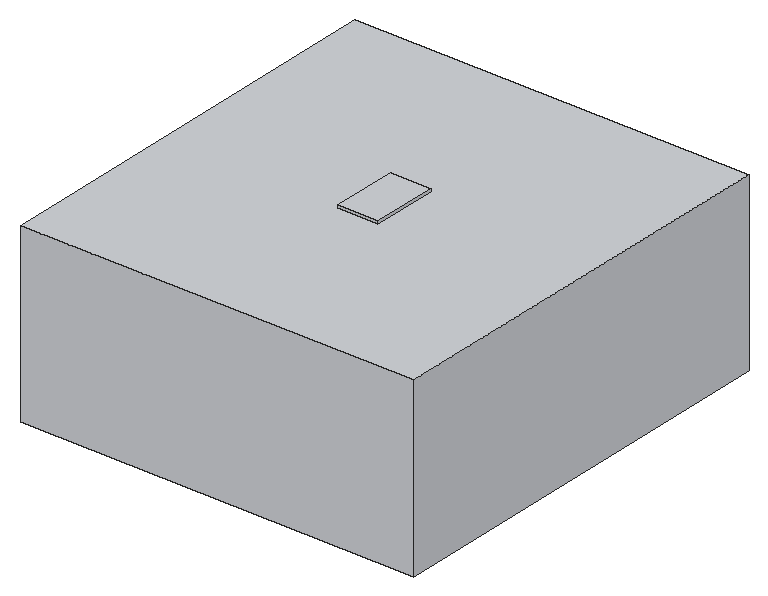
Revit family "66a3936648134f4a892a3f84a26bdcff", category Telephone Devices, host Face, Revit 2021
Family settings
  Host = Face
  Maintain Annotation Orientation = Yes
  Round Connector Dimension = Use Diameter
  Part Type = Normal
  OmniClass Number = 23.85.50.14
  OmniClass Title = Telephone and Intercommunication Equipment
  Seek Item ID = Telephone Outlet - Data-0000-USA-ENU
  Cut with Voids When Loaded = No
  Shared = No
  Room Calculation Point = No
Parameters (values of type "Plain")
  Label = ""
  Default Elevation = 1' - 6"
  Assembly Code = ""
Reference planes (in)
  plane 1 "Center (Front/Back)": y = 33.75
  plane 2: z = 0
  plane 3 "Center (Left/Right)": x = -34.625
  plane 4: y = 36
  plane 5: y = 31.5
  plane 6: x = -36
  plane 7: x = -33.25
  plane 8: x = -35.375
  plane 9: x = -33.875
  plane 10: y = 35.25
  plane 11: y = 32.25
  plane 12: z = 0.1875
  plane 13: z = -2.125
Forms (in)
  Extrusion 1, solid
    sketch origin (0, 0, 0) x (1, 0, 0) y (0, 1, 0)
      loop
        line (-48, 48) -> (-48, 19.5) -> (-21.25, 19.5) -> (-21.25, 48) -> (-48, 48)
    from 0 to -12
  Extrusion 2, solid
    sketch origin (-3.8551, -28.14862, 0) x (1, 0, 0) y (0, 1, 0)
      loop
        line (-32.1449, 64.14862) -> (-32.1449, 59.64862) -> (-29.3949, 59.64862) -> (-29.3949, 64.14862) -> (-32.1449, 64.14862)
    from 0 to 0.1875
  Extrusion 3, solid
    sketch origin (0, 0, 0) x (1, 0, 0) y (0, 1, 0)
      loop
        line (-35.375, 35.25) -> (-35.375, 32.25) -> (-33.875, 32.25) -> (-33.875, 35.25) -> (-35.375, 35.25)
    from 0 to -2.125
Lines and regions (in)
  symbolic lines, detail levels fine
    curve 1: line (-33.25, 33.75, 0) -> (-36, 33.75, 0)
    curve 2: line (-33.25, 33.75, 0.1875) -> (-33.25, 33.75, 0)
    curve 3: line (-36, 33.75, 0.1875) -> (-33.25, 33.75, 0.1875)
    curve 4: line (-36, 33.75, 0) -> (-36, 33.75, 0.1875)
    curve 5: line (-33.875, 33.75, -2.125) -> (-35.375, 33.75, -2.125)
    curve 6: line (-33.875, 33.75, 0) -> (-33.875, 33.75, -2.125)
    curve 7: line (-35.375, 33.75, -2.125) -> (-35.375, 33.75, 0)
Dimensions and locks (in)
  equal spacing: plane 6, plane 3 "Center (Left/Right)", plane 7
  locked: plane 6 to plane 7 at 2.75
  equal spacing: plane 4, plane 1 "Center (Front/Back)", plane 5
  locked: plane 4 to plane 5 at 4.5
  equal spacing: plane 8, plane 3 "Center (Left/Right)", plane 9
  locked: plane 8 to plane 9 at 1.5
  equal spacing: plane 10, plane 1 "Center (Front/Back)", plane 11
  locked: plane 10 to plane 11 at 3
  locked: plane 12 to level at 0.1875
  locked: level to plane 13 at 2.125
  aligned and locked: plane 2 to Extrusion 1
  aligned and locked: level to Extrusion 1
  aligned and locked: plane 4 to Extrusion 2
  aligned and locked: Extrusion 2 to plane 5
  aligned and locked: Extrusion 2 to plane 6
  aligned and locked: plane 7 to Extrusion 2
  aligned and locked: plane 8 to Extrusion 3 sketch curve
  aligned and locked: Extrusion 3 sketch curve to plane 10
  aligned and locked: plane 11 to Extrusion 3 sketch curve
  aligned and locked: Extrusion 3 sketch curve to plane 9
  aligned and locked: plane 12 to Extrusion 2
  aligned and locked: plane 13 to Extrusion 3
  aligned and locked: Extrusion 2 to Extrusion 1
  aligned and locked: Extrusion 1 to Extrusion 3
  aligned and locked: curve 4 to plane 6
  aligned and locked: plane 7 to curve 2
  aligned and locked: curve 3 to plane 12
  aligned and locked: plane 2 to curve 1
  aligned and locked: curve 7 to plane 8
  aligned and locked: plane 9 to curve 6
  aligned and locked: plane 13 to curve 5
Automatic sketch dimensions
  plane 6 to Extrusion 2 sketch curve = 0' - 0"
  Extrusion 2 sketch curve to Extrusion 2 sketch curve = 0' - 2 3/4"
  Extrusion 2 sketch curve to plane 4 = 0' - 4 1/2"
  Extrusion 2 sketch curve to Extrusion 2 sketch curve = 0' - 4 1/2"
  Extrusion 1 sketch curve to Extrusion 1 sketch curve = 2' - 2 3/4"
  Extrusion 1 sketch curve to Extrusion 1 sketch curve = 2' - 4 1/2"
Nested families (in)
  nested 1: "Telephone - Data Annotation" at (-34.625, 33.75, 0), type "Telephone - Data Annotation", detail levels coarse+medium
Connectors (in)
  electrical at (-34.625, 35.25, -1.0625)
    settings: on Extrusion 3, index 1, voltage 0 V, apparent load 0 VA, apparent load phase1 0 VA, apparent load phase2 0 VA, apparent load phase3 0 VA, power factor 1, load classification "Other", number of poles 1, system type 9, power factor state 1, is connector primary yes, connector utility no, sub classification motor no, connector description ""
  electrical at (-34.625, 33.75, -2.125)
    settings: on Extrusion 3, index 2, voltage 0 V, apparent load 0 VA, apparent load phase1 0 VA, apparent load phase2 0 VA, apparent load phase3 0 VA, power factor 1, load classification "Other", number of poles 1, system type 5, power factor state 1, is connector primary no, connector utility no, sub classification motor no, connector description ""
Definition of nested family "Telephone - Data Annotation"
  Parameters
    Label = ""
  Reference planes (in)
    plane 1: y = 0
    plane 2: x = 0
  Lines and regions (in)
    Filled region 1, type "Solid Black"
      outline origin (0, 0, 0) x (1, 0, 0) y (0, 1, 0)
        loop
          line (0, 0) -> (0, 0.125) -> (-0.07813, 0.125) -> (0, 0)
    detail lines
      curve 1: line (0, 0.125, 0) -> (0.0784, 0.125, 0)
      curve 2: line (0.0784, 0.125, 0) -> (0, 0, 0)
      curve 3: line (0, 0, 0) -> (0, 0.125, 0)
  Text (in)
    label "W" at (0.11267, -0.00201, 0), shows "Label"
